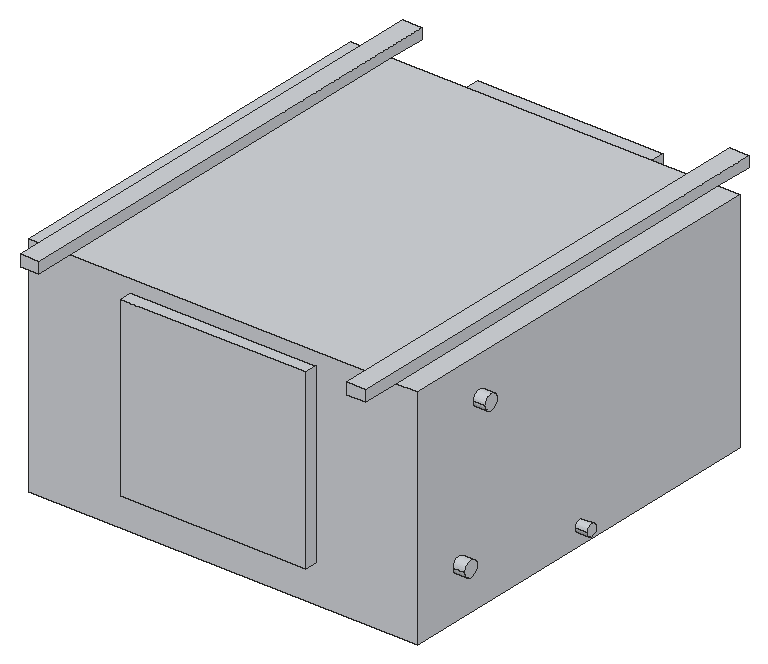
Revit family "M_Unidade de serpentina do ventilador - Duto de forro - CHW", category Equipamento mecânico, Revit 2019
Family settings
  Cota do conector redondo = Usar raio
  Tipo de parte = Normal
  Número OmniClass = 23.75.70.17.27
  Título OmniClass = Fan Coil Units
  ID de item do Seek = Fan Coil Unit - Ceiling Ducted - CHW-0000-CAN-ENU
  Com base no plano de trabalho = Não
  Sempre na vertical = Sim
  Corte com vazios quando carregada = Não
  Compartilhado = Não
  Ponto de cálculo do ambiente = Não
Parameters (values of type "282 LPS")
  Queda de pressão da água [instance] = 9652.66 Pa
  Voltagem = 120 V
  Comprimento da unidade = 787.4 mm
  Capacidade de resfriamento total = 5773.5 W
  Raio da água de fornecimento = 15 mm
  Diâmetro da água de fornecimento = 2 * Raio da água de fornecimento  # 30 mm
  Largura do ar de fornecimento = 375 mm
  Capacidade de resfriamento perceptível = 4220.22 W
  Raio da água de retorno = 15 mm
  Diâmetro da água de retorno = 2 * Raio da água de retorno  # 30 mm
  Largura do ar de retorno = 375 mm
  Número de pólos = 1
  Fluxo de ar nominal [instance] = 283.17 L/s
  Classificação de carga = Refrigeração
  Pressão estática externa [instance] = 74.65 Pa
  Fluxo da drenagem [instance] = 0.0 L/s
  Fluxo da água resfriada [instance] = 0.25 L/s
  Material CFU = none
  Carga aparente = 265 VA
Types (9, lengths in mm): name | Queda de pressão da água | Comprimento da unidade | Capacidade de resfriamento total | Raio da água de fornecimento | Diâmetro da água de fornecimento | Largura do ar de fornecimento | Capacidade de resfriamento perceptível | Raio da água de retorno | Diâmetro da água de retorno | Largura do ar de retorno | Fluxo de ar nominal | Pressão estática externa | Fluxo da água resfriada | Carga aparente
  (no name) | 9652.66 Pa | 787.4 | 5773.5 W | 15 | 30 | 375 | 4220.22 W | 15 | 30 | 375 | 283.17 L/s | 74.65 Pa | 0.25 L/s | 265 VA
  282 LPS | 9652.66 Pa | 787.4 | 5773.5 W | 15 | 30 | 375 | 4220.22 W | 15 | 30 | 375 | 283.17 L/s | 74.65 Pa | 0.25 L/s | 265 VA
  376 LPS | 21373.7 Pa | 914.4 | 8616.29 W | 15 | 30 | 500 | 6037.26 W | 15 | 30 | 500 | 377.56 L/s | -74.65 Pa | 0.38 L/s | 310 VA
  470 LPS | 44815.9 Pa | 1016 | 11283.2 W | 20 | 40 | 600 | 7737.08 W | 20 | 40 | 600 | 471.95 L/s | -74.65 Pa | 0.5 L/s | 440 VA
  564 LPS | 89631.8 Pa | 1143 | 13950.2 W | 20 | 40 | 750 | 9466.2 W | 20 | 40 | 750 | 566.34 L/s | -74.65 Pa | 0.63 L/s | 550 VA
  658 LPS | 144789.9 Pa | 1270 | 15474.1 W | 25 | 50 | 850 | 10697.1 W | 25 | 50 | 850 | 660.73 L/s | -74.65 Pa | 0.69 L/s | 690 VA
  752 LPS | 172368.9 Pa | 1397 | 18961.7 W | 25 | 50 | 1000 | 12777.9 W | 25 | 50 | 1000 | 755.12 L/s | -74.65 Pa | 0.95 L/s | 900 VA
  846 LPS | 172368.9 Pa | 1524 | 22185.5 W | 25 | 50 | 1100 | 14770.8 W | 25 | 50 | 1100 | 849.51 L/s | -74.65 Pa | 1.2 L/s | 1015 VA
  940 LPS | 172368.9 Pa | 1625.6 | 24149.1 W | 25 | 50 | 1200 | 16177.5 W | 25 | 50 | 1200 | 943.89 L/s | -74.65 Pa | 1.2 L/s | 1020 VA
Reference planes
  plane 1 "Centro (Frente/Trás)": y = 0
  plane 2: z = 0
  plane 3 "Centro (Esquerda/Direita)": x = 0
  plane 4: x = 787.4
  plane 5: x = 393.7
  plane 6: x = 206.2
  plane 7: x = 581.2
  plane 8: y = 812.8
  plane 9: y = 889
  plane 10: y = -76.2
  plane 11: z = 457.2
  plane 12: z = 479.425
  plane 13: x = 63.5
  plane 14: x = 723.9
  plane 15: x = 44.45
  plane 16: x = 82.55
  plane 17: x = 742.95
  plane 18: x = 704.85
  plane 19: y = 876.3
  plane 20: y = -25.4
  plane 21: z = 76.2
  plane 22: z = 431.8
  plane 23: x = 206.2
  plane 24: x = 581.2
  plane 25: y = 152.4
  plane 26: z = 381
  plane 27: y = 101.6
  plane 28: z = 101.6
  plane 29: y = 406.4
  plane 30: z = 38.1
  plane 31: x = 812.8
  plane 32: y = 762
Forms (mm)
  Extrusion 1, solid, material <- "Material CFU"
    sketch origin (0, 0, 0) x (1, 0, 0) y (0, 1, 0)
      loop
        line (0, 812.8) -> (0, 0) -> (787.4, 0) -> (787.4, 812.8) -> (0, 812.8)
    from 0 to 457.2
  Extrusion 2, solid, material <- "Material CFU"
    sketch origin (0, 0, 0) x (1, 0, 0) y (0, 1, 0)
      loop
        line (44.45, 889) -> (44.45, -76.2) -> (82.55, -76.2) -> (82.55, 889) -> (44.45, 889)
    from 457.2 to 479.425
  Extrusion 3, solid, material <- "Material CFU"
    sketch origin (0, 0, 0) x (1, 0, 0) y (0, 1, 0)
      loop
        line (704.85, 889) -> (704.85, -76.2) -> (742.95, -76.2) -> (742.95, 889) -> (704.85, 889)
    from 457.2 to 479.425
  Extrusion 4, solid, material <- "Material CFU"
    sketch origin (0, 0, 0) x (1, 0, 0) y (0, 1, 0)
      loop
        line (206.2, 876.3) -> (206.2, 812.8) -> (581.2, 812.8) -> (581.2, 876.3) -> (206.2, 876.3)
    from 76.2 to 431.8
  Extrusion 5, solid, material <- "Material CFU"
    sketch origin (0, 0, 0) x (1, 0, 0) y (0, 1, 0)
      loop
        line (206.2, 0) -> (206.2, -25.4) -> (581.2, -25.4) -> (581.2, 0) -> (206.2, 0)
    from 76.2 to 431.8
  Extrusion 6, solid, material <- "Material CFU"
    sketch origin (0, 0, 0) x (0, 1, 0) y (0, 0, 1)
      loop
        circle (152.4, 381) r 15
    from 787.4 to 812.8
  Extrusion 7, solid, material <- "Material CFU"
    sketch origin (0, 0, 0) x (0, 1, 0) y (0, 0, 1)
      loop
        circle (101.6, 101.6) r 15
    from 787.4 to 812.8
  Extrusion 8, solid, material <- "Material CFU"
    sketch origin (0, 0, 0) x (0, 1, 0) y (0, 0, 1)
      loop
        circle (406.4, 38.1) r 11.113
    from 787.4 to 812.8
  Extrusion 9, solid, material <- "Material CFU"
    sketch origin (0, 0, 0) x (0, 1, 0) y (0, 0, 1)
      loop
        circle (762, 381) r 25.4
    from 742.95 to 787.4
Cuts and joins
  joined: Extrusion 1, Extrusion 2, Extrusion 3, Extrusion 4, Extrusion 5, Extrusion 6, Extrusion 7, Extrusion 8, Extrusion 9
Dimensions and locks
  equal spacing: plane 3 "Centro (Esquerda/Direita)", plane 5, plane 4
  equal spacing: plane 6, plane 5, plane 7
  "Comprimento da unidade": plane 3 "Centro (Esquerda/Direita)" to plane 4
  "Largura do ar de retorno": plane 6 to plane 7
  locked: plane 8 to plane 1 "Centro (Frente/Trás)" at 812.8
  locked: plane 1 "Centro (Frente/Trás)" to plane 10 at 76.2
  locked: plane 9 to plane 8 at 76.2
  locked: plane 11 to plane 2 at 457.2
  locked: plane 12 to plane 11 at 22.225
  locked: plane 3 "Centro (Esquerda/Direita)" to plane 13 at 63.5
  locked: plane 14 to plane 4 at 63.5
  locked: plane 1 "Centro (Frente/Trás)" to plane 20 at 25.4
  locked: plane 2 to plane 21 at 76.2
  locked: plane 21 to plane 22 at 355.6
  equal spacing: plane 23, plane 5, plane 24
  "Largura do ar de fornecimento": plane 23 to plane 24
  equal spacing: plane 15, plane 13, plane 16
  locked: plane 13 to plane 16 at 19.05
  equal spacing: plane 18, plane 14, plane 17
  locked: plane 18 to plane 14 at 19.05
  locked: plane 26 to plane 11 at 76.2
  locked: plane 1 "Centro (Frente/Trás)" to plane 25 at 152.4
  locked: plane 2 to plane 28 at 101.6
  locked: plane 1 "Centro (Frente/Trás)" to plane 27 at 101.6
  locked: plane 1 "Centro (Frente/Trás)" to plane 29 at 406.4
  locked: plane 2 to plane 30 at 38.1
  locked: plane 4 to plane 31 at 25.4
  locked: plane 32 to plane 8 at 50.8
  locked: plane 8 to plane 19 at 63.5
  "Raio da água de retorno": radius of Extrusion 6 sketch curve
  "Raio da água de fornecimento": radius of Extrusion 7 sketch curve
  aligned and locked: plane 3 "Centro (Esquerda/Direita)" to Extrusion 1 sketch curve
  aligned and locked: Extrusion 1 sketch curve to plane 4
  aligned and locked: Extrusion 1 sketch curve to plane 8
  aligned and locked: Extrusion 1 sketch curve to plane 1 "Centro (Frente/Trás)"
  aligned and locked: plane 11 to Extrusion 1
  aligned and locked: Extrusion 1 to plane 2
  aligned and locked: Extrusion 2 sketch curve to plane 15
  aligned and locked: plane 16 to Extrusion 2 sketch curve
  aligned and locked: Extrusion 2 sketch curve to plane 9
  aligned and locked: plane 10 to Extrusion 2 sketch curve
  aligned and locked: Extrusion 3 sketch curve to plane 18
  aligned and locked: plane 17 to Extrusion 3 sketch curve
  aligned and locked: Extrusion 3 sketch curve to plane 9
  aligned and locked: plane 10 to Extrusion 3 sketch curve
  aligned and locked: plane 12 to Extrusion 3
  aligned and locked: Extrusion 3 to plane 11
  aligned and locked: plane 12 to Extrusion 2
  aligned and locked: Extrusion 2 to plane 11
  aligned and locked: plane 8 to Extrusion 4 sketch curve
  aligned and locked: plane 19 to Extrusion 4 sketch curve
  aligned and locked: plane 6 to Extrusion 4 sketch curve
  aligned and locked: plane 7 to Extrusion 4 sketch curve
  aligned and locked: plane 22 to Extrusion 4
  aligned and locked: plane 21 to Extrusion 4
  aligned and locked: plane 23 to Extrusion 5 sketch curve
  aligned and locked: Extrusion 5 sketch curve to plane 24
  aligned and locked: plane 1 "Centro (Frente/Trás)" to Extrusion 5 sketch curve
  aligned and locked: Extrusion 5 sketch curve to plane 20
  aligned and locked: plane 22 to Extrusion 5
  aligned and locked: Extrusion 5 to plane 21
  aligned and locked: plane 26 to Extrusion 6 sketch curve
  aligned and locked: plane 25 to Extrusion 6 sketch curve
  aligned and locked: plane 28 to Extrusion 7 sketch curve
  aligned and locked: plane 27 to Extrusion 7 sketch curve
  aligned and locked: Extrusion 6 to plane 31
  aligned and locked: Extrusion 6 to plane 4
  aligned and locked: Extrusion 7 to plane 31
  aligned and locked: Extrusion 7 to plane 4
  aligned and locked: plane 30 to Extrusion 8 sketch curve
  aligned and locked: plane 29 to Extrusion 8 sketch curve
  aligned and locked: Extrusion 8 to plane 31
  aligned and locked: Extrusion 8 to plane 4
  aligned and locked: plane 26 to Extrusion 9 sketch curve
  aligned and locked: plane 32 to Extrusion 9 sketch curve
  aligned and locked: Extrusion 1 to Extrusion 9
  aligned and locked: plane 17 to Extrusion 9
Automatic sketch dimensions
  radius of Extrusion 8 sketch curve = 11.113 mm
  radius of Extrusion 9 sketch curve = 25.4 mm
Connectors
  piping at (812.8, 101.6, 101.6), diameter 30, driven by "Fluxo da água resfriada", driven by "Raio da água de fornecimento"
    settings: on cut or joined group 1 (Extrusion 1, Extrusion 2, Extrusion 3, Extrusion 4, Extrusion 5, Extrusion 6, Extrusion 7, Extrusion 8, Extrusion 9), index 1, connector inside diameter 30 mm, connector length 0 mm, flow factor 0, pipe flow 0.25 L/s, pressure drop 0.0 Pa, fitting loss kfactor 0, connector angle 0.00°, fixture units 0, engagement length 0 mm, angle of deflection 0.00°, flow configuration 1, flow direction 1, fitting loss method 0, system type 7, joint type 0, gender type 0, connector reference index 2, connector utility 0, adjustable connector no, is connector primary yes, connector description "Água resfriada,Entrada"
  piping at (812.8, 152.4, 381), diameter 30, driven by "Fluxo da água resfriada", driven by "Queda de pressão da água", driven by "Raio da água de retorno"
    settings: on cut or joined group 1, index 2, connector inside diameter 30 mm, connector length 0 mm, flow factor 0, pipe flow 0.25 L/s, pressure drop 9652.66 Pa, fitting loss kfactor 0, connector angle 0.00°, fixture units 0, engagement length 0 mm, angle of deflection 0.00°, flow configuration 1, flow direction 2, fitting loss method 4, system type 8, joint type 0, gender type 0, connector reference index 1, connector utility 0, adjustable connector no, is connector primary no, connector description "Água resfriada,Saída"
  piping at (812.8, 406.4, 38.1), diameter 22.225, driven by "Fluxo da drenagem"
    settings: on cut or joined group 1, index 3, connector inside diameter 22.225 mm, connector length 0 mm, flow factor 0, pipe flow 0.0 L/s, pressure drop 0.0 Pa, fitting loss kfactor 0, connector angle 0.00°, fixture units 0, engagement length 0 mm, angle of deflection 0.00°, flow configuration 1, flow direction 2, fitting loss method 0, system type 16, joint type 0, gender type 0, connector reference index -1, connector utility 0, adjustable connector yes, is connector primary no, connector description "Drenagem,Saída"
  hvac at (393.7, -25.4, 254), driven by "Fluxo de ar nominal", driven by "Largura do ar de fornecimento"
    settings: on Extrusion 5, index 4, duct flow 283.17 L/s, flow factor 0, pres drop 0.0 Pa, loss coef 0, conn angle 0.00°, conn width 375 mm, conn height 355.6 mm, conn diameter 609.6 mm, duct sys type 1, conn prof type 1, flow config 0, flow direction 2, loss method 0, conn ref index 5, conn util no, is conn primary yes, conn desc ""
  hvac at (393.7, 876.3, 254), driven by "Fluxo de ar nominal", driven by "Largura do ar de retorno"
    settings: on Extrusion 4, index 5, duct flow 283.17 L/s, flow factor 0, pres drop 0.0 Pa, loss coef 0, conn angle 0.00°, conn width 375 mm, conn height 355.6 mm, conn diameter 609.6 mm, duct sys type 2, conn prof type 1, flow config 0, flow direction 1, loss method 0, conn ref index 4, conn util no, is conn primary no, conn desc ""
  electrical at (787.4, 762, 381), driven by "Carga aparente", driven by "Voltagem", driven by "Número de pólos", driven by "Classificação de carga"
    settings: on Extrusion 9, index 6, voltage 120 V, apparent load 265 VA, apparent load phase1 0 VA, apparent load phase2 0 VA, apparent load phase3 0 VA, power factor 0.8, load classification "Refrigeração", number of poles 1, system type 30, power factor state 1, is connector primary yes, connector utility no, sub classification motor no, connector description ""
